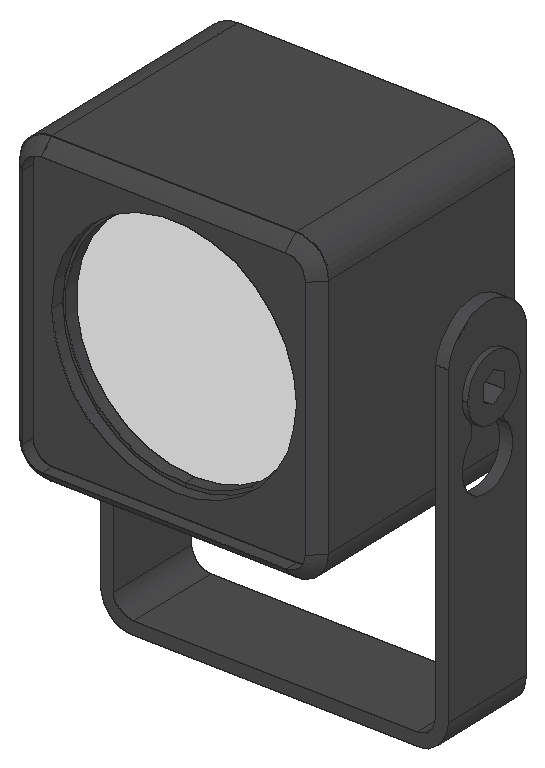
Revit family "Thorn Caelon S3x", category Lighting Fixtures, host Face, Revit 2023
Family settings
  Host = Face
  Round Connector Dimension = Use Diameter
  Part Type = Normal
  Cut with Voids When Loaded = No
  Light Source = No
  Maintain Annotation Orientation = No
  Shared = No
  Room Calculation Point = No
Parameters (values of type "CAELON S3x 320-827 F BK 2M 66")
  Wattage = 6.2 VA
  URL = "https://www.thornlighting.com/21013585"
  Type Light Source = Thorn-Light Sources-CAELON S3x : CAELON S3x 320-827 F BK 2M 66_photometric_data
  Type Image = TLG_CAEL_F_S3x_BK.jpg
  Type IFC Predefined Type = "DIRECTIONSOURCE"
  Type Housing White = Thorn-Parts-CAELON-Housing-S3x : White
  Type Housing Black = Thorn-Parts-CAELON-Housing-S3x : Black
  Type Housing = if(Housing Finish Black, Type Housing Black, if(Housing Finish White, Type Housing White, Type Housing Black))  # Thorn-Parts-CAELON-Housing-S3x : Black
  Type Bracket White = Thorn-Parts-CAELON-Bracket-S3x : White
  Type Bracket Black = Thorn-Parts-CAELON-Bracket-S3x : Black
  Type Bracket = if(Housing Finish Black, Type Bracket Black, if(Housing Finish White, Type Bracket White, Type Bracket Black))  # Thorn-Parts-CAELON-Bracket-S3x : Black
  Tilt Angle [instance] = 0.00°
  Power Factor = 1
  Optic = "Far"
  Model = "21013585"
  Lamp = "LED"  # constant formula
  Housing Finish Black = yes
  Export Type to IFC As = "IfcLightFixtureType"
  Description = "Outdoor flood and spotlight luminaires"  # constant formula
  Assembly Code = "Pr_70_70_48_75"
  Apparent Load = 20 VA
  Angle real [instance] = Tilt Angle + 90.00°  # 90.00°
  Manufacturer = "Thorn Lighting"  # constant formula
  Luminaire Width = 56 mm  # constant formula
  Luminaire Length = 38 mm  # constant formula
  Luminaire Height = 79 mm  # constant formula
  Housing Finish White = no
  Default Elevation = 0 mm  # constant formula
  Angle [instance] = if(Angle real < 60.00°, 60.00°, if(Angle real > 270.00°, 270.00°, Angle real))  # 90.00°
Types (18, lengths in mm): name | URL | Type Light Source | Type Image | Type Housing | Type Bracket | Optic | Model | Housing Finish Black | Housing Finish White
  CAELON S3x 320-827 F BK 2M 66 | "https://www.thornlighting.com/21013585" | Thorn-Light Sources-CAELON S3x : CAELON S3x 320-827 F BK 2M 66_photometric_data | TLG_CAEL_F_S3x_BK.jpg | Thorn-Parts-CAELON-Housing-S3x : Black | Thorn-Parts-CAELON-Bracket-S3x : Black | "Far" | "21013585" | yes | no
  CAELON S3x 320-827 F WH 2M 66 | "https://www.thornlighting.com/21013584" | Thorn-Light Sources-CAELON S3x : CAELON S3x 320-827 F WH 2M 66_photometric_data | TLG_CAEL_F_S3x_WH.jpg | Thorn-Parts-CAELON-Housing-S3x : White | Thorn-Parts-CAELON-Bracket-S3x : White | "Far" | "21013584" | no | yes
  CAELON S3x 320-827 M BK 2M 66 | "https://www.thornlighting.com/21013583" | Thorn-Light Sources-CAELON S3x : CAELON S3x 320-827 M BK 2M 66_photometric_data | TLG_CAEL_F_S3x_BK.jpg | Thorn-Parts-CAELON-Housing-S3x : Black | Thorn-Parts-CAELON-Bracket-S3x : Black | "Medium" | "21013583" | yes | no
  CAELON S3x 320-827 M WH 2M 66 | "https://www.thornlighting.com/21013582" | Thorn-Light Sources-CAELON S3x : CAELON S3x 320-827 M WH 2M 66_photometric_data | TLG_CAEL_F_S3x_WH.jpg | Thorn-Parts-CAELON-Housing-S3x : White | Thorn-Parts-CAELON-Bracket-S3x : White | "Medium" | "21013582" | no | yes
  CAELON S3x 320-827 N BK 2M 66 | "https://www.thornlighting.com/21013581" | Thorn-Light Sources-CAELON S3x : CAELON S3x 320-827 N BK 2M 66_photometric_data | TLG_CAEL_F_S3x_BK.jpg | Thorn-Parts-CAELON-Housing-S3x : Black | Thorn-Parts-CAELON-Bracket-S3x : Black | "Narrow" | "21013581" | yes | no
  CAELON S3x 320-827 N WH 2M 66 | "https://www.thornlighting.com/21013580" | Thorn-Light Sources-CAELON S3x : CAELON S3x 320-827 N WH 2M 66_photometric_data | TLG_CAEL_F_S3x_WH.jpg | Thorn-Parts-CAELON-Housing-S3x : White | Thorn-Parts-CAELON-Bracket-S3x : White | "Narrow" | "21013580" | no | yes
  CAELON S3x 320-830 F BK 2M 66 | "https://www.thornlighting.com/21013595" | Thorn-Light Sources-CAELON S3x : CAELON S3x 320-830 F BK 2M 66_photometric_data | TLG_CAEL_F_S3x_BK.jpg | Thorn-Parts-CAELON-Housing-S3x : Black | Thorn-Parts-CAELON-Bracket-S3x : Black | "Far" | "21013595" | yes | no
  CAELON S3x 320-830 F WH 2M 66 | "https://www.thornlighting.com/21013594" | Thorn-Light Sources-CAELON S3x : CAELON S3x 320-830 F WH 2M 66_photometric_data | TLG_CAEL_F_S3x_WH.jpg | Thorn-Parts-CAELON-Housing-S3x : White | Thorn-Parts-CAELON-Bracket-S3x : White | "Far" | "21013594" | no | yes
  CAELON S3x 320-830 M BK 2M 66 | "https://www.thornlighting.com/21013593" | Thorn-Light Sources-CAELON S3x : CAELON S3x 320-830 M BK 2M 66_photometric_data | TLG_CAEL_F_S3x_BK.jpg | Thorn-Parts-CAELON-Housing-S3x : Black | Thorn-Parts-CAELON-Bracket-S3x : Black | "Medium" | "21013593" | yes | no
  CAELON S3x 320-830 M WH 2M 66 | "https://www.thornlighting.com/21013592" | Thorn-Light Sources-CAELON S3x : CAELON S3x 320-830 M WH 2M 66_photometric_data | TLG_CAEL_F_S3x_WH.jpg | Thorn-Parts-CAELON-Housing-S3x : White | Thorn-Parts-CAELON-Bracket-S3x : White | "Medium" | "21013592" | no | yes
  CAELON S3x 320-830 N BK 2M 66 | "https://www.thornlighting.com/21013591" | Thorn-Light Sources-CAELON S3x : CAELON S3x 320-830 N BK 2M 66_photometric_data | TLG_CAEL_F_S3x_BK.jpg | Thorn-Parts-CAELON-Housing-S3x : Black | Thorn-Parts-CAELON-Bracket-S3x : Black | "Narrow" | "21013591" | yes | no
  CAELON S3x 320-830 N WH 2M 66 | "https://www.thornlighting.com/21013590" | Thorn-Light Sources-CAELON S3x : CAELON S3x 320-830 N WH 2M 66_photometric_data | TLG_CAEL_F_S3x_WH.jpg | Thorn-Parts-CAELON-Housing-S3x : White | Thorn-Parts-CAELON-Bracket-S3x : White | "Narrow" | "21013590" | no | yes
  CAELON S3x 320-840 F BK 2M 66 | "https://www.thornlighting.com/21013605" | Thorn-Light Sources-CAELON S3x : CAELON S3x 320-840 F BK 2M 66_photometric_data | TLG_CAEL_F_S3x_BK.jpg | Thorn-Parts-CAELON-Housing-S3x : Black | Thorn-Parts-CAELON-Bracket-S3x : Black | "Far" | "21013605" | yes | no
  CAELON S3x 320-840 F WH 2M 66 | "https://www.thornlighting.com/21013604" | Thorn-Light Sources-CAELON S3x : CAELON S3x 320-840 F WH 2M 66_photometric_data | TLG_CAEL_F_S3x_WH.jpg | Thorn-Parts-CAELON-Housing-S3x : White | Thorn-Parts-CAELON-Bracket-S3x : White | "Far" | "21013604" | no | yes
  CAELON S3x 320-840 M BK 2M 66 | "https://www.thornlighting.com/21013603" | Thorn-Light Sources-CAELON S3x : CAELON S3x 320-840 M BK 2M 66_photometric_data | TLG_CAEL_F_S3x_BK.jpg | Thorn-Parts-CAELON-Housing-S3x : Black | Thorn-Parts-CAELON-Bracket-S3x : Black | "Medium" | "21013603" | yes | no
  CAELON S3x 320-840 M WH 2M 66 | "https://www.thornlighting.com/21013602" | Thorn-Light Sources-CAELON S3x : CAELON S3x 320-840 M WH 2M 66_photometric_data | TLG_CAEL_F_S3x_WH.jpg | Thorn-Parts-CAELON-Housing-S3x : White | Thorn-Parts-CAELON-Bracket-S3x : White | "Medium" | "21013602" | no | yes
  CAELON S3x 320-840 N BK 2M 66 | "https://www.thornlighting.com/21013601" | Thorn-Light Sources-CAELON S3x : CAELON S3x 320-840 N BK 2M 66_photometric_data | TLG_CAEL_F_S3x_BK.jpg | Thorn-Parts-CAELON-Housing-S3x : Black | Thorn-Parts-CAELON-Bracket-S3x : Black | "Narrow" | "21013601" | yes | no
  CAELON S3x 320-840 N WH 2M 66 | "https://www.thornlighting.com/21013600" | Thorn-Light Sources-CAELON S3x : CAELON S3x 320-840 N WH 2M 66_photometric_data | TLG_CAEL_F_S3x_WH.jpg | Thorn-Parts-CAELON-Housing-S3x : White | Thorn-Parts-CAELON-Bracket-S3x : White | "Narrow" | "21013600" | no | yes
Reference planes
  plane 1 "Center (Front/Back)": y = 0
  plane 2: z = 0
  plane 3 "Center (Left/Right)": x = 0
  plane 4: x = 28
  plane 5: x = -28
Lines and regions (mm)
  reference lines
    curve 1: line (0, 0, -0.428) -> (0, 0, 48.812)
    curve 2: line (0, 0, 48.812) -> (0, -600, 48.812)
  model lines, style "InvisibleLines"
    curve 3: line (-250, 0, 0) -> (250, 0, 0)
Dimensions and locks
  equal spacing: plane 5, plane 3 "Center (Left/Right)", plane 4
  "Luminaire Width": plane 5 to plane 4
  "Angle": angle plane 1 "Center (Front/Back)" to curve 2
  aligned and locked: plane 2 to host face
  aligned and locked: plane 1 "Center (Front/Back)" to curve 3
Automatic sketch dimensions
  host sketch curve to host sketch curve = 2438.4 mm  (x2)
  curve 1 to plane 1 "Center (Front/Back)" = 0 mm
  level to curve 2 = 48.812 mm
  curve 1 to level = 0.428 mm
  plane 5 to curve 3 = 222 mm
  plane 4 to curve 3 = 222 mm
Nested families
  nested 1: "Thorn-Parts-CAELON-Housing-S3x" at (0, -34.498, 31.09) x (0, 1, 0) z (0, 0, 1), type <- "Type Housing", type "Black"
  nested 2: "Thorn-Parts-CAELON-Bracket-S3x" at (0, -7.498, -85.217) x (0, 1, 0) z (0, 0, 1), type <- "Type Bracket", type "Black"
  nested 3: "Thorn-Light Sources-CAELON S3x" at (0.93, -23.998, 55.59) x (0, 0, -1) z (0, 1, 0), type <- "Type Light Source", type "CAELON S3x 320-827 F BK 2M 66_photometric_data"
    with Reflector Direction Line Offset 600 mm, Light Distribution Offset 600 mm
Connectors
  electrical at (0, 0, 0), driven by "Apparent Load", driven by "Power Factor"
    settings: index 1, voltage 220 V, apparent load 20 VA, apparent load phase1 0 VA, apparent load phase2 0 VA, apparent load phase3 0 VA, power factor 1, load classification "Lighting", number of poles 1, system type 30, power factor state 1, is connector primary yes, connector utility no, sub classification motor no, connector description ""
Definition of nested family "Thorn-Parts-CAELON-Housing-S3x"
  Parameters (values of type "White")
    Material Housing Plastic = none
    Housing [instance] = yes
    Material Housing = none
    Manufacturer = "Thorn Lighting"  # constant formula
    Default Elevation = 1219.2 mm
    C = 48 mm  # constant formula
    B = 48 mm  # constant formula
    A = 38 mm  # constant formula
  Types (2): name
    White
    Black
  Reference planes
    plane 1 "Center (Front/Back)": y = 0
    plane 2: z = 0
    plane 3 "Center (Left/Right)": x = 0
    plane 4: y = 24
    plane 5: y = -24
    plane 6: z = 12.5
    plane 7: x = 21
    plane 8: x = 43.49
    plane 9: x = 5.493
  Forms (mm)
    Extrusion 1, solid, material <- "Material Housing"
      sketch origin (0, 0, -37) x (0, 1, 0) y (0, 0, 1)
        loop
          line (19, 85) -> (-19, 85)
          arc (-19, 85) -> (-22.536, 83.536) -> (-24, 80) r 5
          line (-24, 80) -> (-24, 42)
          arc (-24, 42) -> (-22.536, 38.464) -> (-19, 37) r 5
          line (-19, 37) -> (19, 37)
          arc (19, 37) -> (22.536, 38.464) -> (24, 42) r 5
          line (24, 42) -> (24, 80)
          arc (24, 80) -> (22.536, 83.536) -> (19, 85) r 5
        loop
          line (22, 42) -> (22, 80)
          arc (22, 80) -> (21.121, 82.121) -> (19, 83) r 3
          line (19, 83) -> (-19, 83)
          arc (-19, 83) -> (-21.121, 82.121) -> (-22, 80) r 3
          line (-22, 80) -> (-22, 42)
          arc (-22, 42) -> (-21.121, 39.879) -> (-19, 39) r 3
          line (-19, 39) -> (19, 39)
          arc (19, 39) -> (21.121, 39.879) -> (22, 42) r 3
      from 7.5 to 43.49
    Sweep 2, solid, material <- "Material Housing"
      path origin (11, -1524, 162.794) x (0, 0, 1) y (0, -1, 0)
        loop
          line (-114.794, -1543) -> (-114.794, -1505)
          arc (-114.794, -1505) -> (-116.259, -1501.464) -> (-119.794, -1500) r 5
          line (-119.794, -1500) -> (-157.794, -1500)
          arc (-157.794, -1500) -> (-161.33, -1501.464) -> (-162.794, -1505) r 5
          line (-162.794, -1505) -> (-162.794, -1543)
          arc (-162.794, -1543) -> (-161.33, -1546.536) -> (-157.794, -1548) r 5
          line (-157.794, -1548) -> (-119.794, -1548)
          arc (-119.794, -1548) -> (-116.259, -1546.536) -> (-114.794, -1543) r 5
      profile origin (11, 0, 48) x (0, 0, -1) y (1, 0, 0)
        loop
          line (2, -3.5) -> (0, -3.5)
          arc (0, -3.5) -> (0.913, -4.59) -> (2, -5.507) r 8.21
          line (2, -5.507) -> (2, -3.5)
    Extrusion 3, solid, material <- "Material Housing"
      sketch origin (43.5, 889.358, 1163) x (0, 1, 0) y (0, 0, -1)
        loop
          arc (-870.358, 1117) -> (-868.237, 1117.879) -> (-867.358, 1120) r 3
          line (-867.358, 1120) -> (-867.358, 1158)
          arc (-867.358, 1158) -> (-868.237, 1160.121) -> (-870.358, 1161) r 3
          line (-870.358, 1161) -> (-908.358, 1161)
          arc (-908.358, 1161) -> (-910.48, 1160.121) -> (-911.358, 1158) r 3
          line (-911.358, 1158) -> (-911.358, 1120)
          arc (-911.358, 1120) -> (-910.48, 1117.879) -> (-908.358, 1117) r 3
          line (-908.358, 1117) -> (-870.358, 1117)
      from 0.01 to 4
    Extrusion 4, solid
      sketch origin (7.5, 889.358, 1200) x (0, 1, 0) y (0, 0, 1)
        loop
          line (-870.358, -1153) -> (-908.358, -1153)
          arc (-908.358, -1153) -> (-911.187, -1154.172) -> (-912.358, -1157) r 4
          line (-912.358, -1157) -> (-912.358, -1195)
          arc (-912.358, -1195) -> (-911.187, -1197.828) -> (-908.358, -1199) r 4
          line (-908.358, -1199) -> (-870.358, -1199)
          arc (-870.358, -1199) -> (-867.53, -1197.828) -> (-866.358, -1195) r 4
          line (-866.358, -1195) -> (-866.358, -1157)
          arc (-866.358, -1157) -> (-867.53, -1154.172) -> (-870.358, -1153) r 4
        loop
          circle (-889.358, -1176) r 19
      from 0 to 2
    Extrusion 5, solid
      sketch origin (7.5, 889.358, 1211.5) x (0, 1, 0) y (0, 0, 1)
        loop
          circle (-889.358, -1187.5) r 19.5
        loop
          circle (-889.358, -1187.5) r 19
      from 2 to 6
    Extrusion 6, solid
      sketch origin (7.5, 889.358, 1211.5) x (0, 1, 0) y (0, 0, 1)
        loop
          circle (-889.358, -1187.5) r 19.5
      from 4 to 6
    Revolve 7, solid
      sketch origin (125.5, 0, 11.5) x (1, 0, 0) y (0, 0, 1)
        loop
          line (-116, 31) -> (-106.577, 31) -> (-91, 17.5) -> (-91, 12.5) -> (-90, 12.5) -> (-90, 17.957) -> (-106.204, 32) -> (-116, 32) -> (-116, 31)
        axis (-116, 12.5) -> (-90, 12.5)
      angle from 0 to 360
    Revolve 8, solid, material <- "Material Housing Plastic"
      sketch origin (34.064, -1506.946, 22.822) x (0, 0, 1) y (0, -1, 0)
        loop
          line (-27.322, -1505.746) -> (-27.322, -1503.946) -> (-29.322, -1503.946)
          arc (-29.322, -1503.946) -> (-30.029, -1504.239) -> (-30.322, -1504.946) r 1
          line (-30.322, -1504.946) -> (-30.322, -1505.746) -> (-27.322, -1505.746)
        loop
          line (-22.822, -1506.946) -> (-22.822, -1503.946) -> (-24.322, -1503.946) -> (-24.322, -1506.946) -> (-22.822, -1506.946)
        axis (-22.822, -1506.946) -> (-30.322, -1506.946)
      angle from 0 to 360
    Extrusion 9, solid, material <- "Material Housing Plastic"
      sketch origin (13.064, 17.054, 51.5) x (1, 0, 0) y (0, 1, 0)
        loop
          line (18.5, -12.724) -> (16, -17.054) -> (18.5, -21.384) -> (23.5, -21.384) -> (26, -17.054) -> (23.5, -12.724) -> (18.5, -12.724)
      from -56 to -53
    Extrusion 10, solid, material <- "Material Housing Plastic"
      sketch origin (13.064, 17.054, 51.5) x (1, 0, 0) y (0, 1, 0)
        loop
          line (23.5, -12.724) -> (18.5, -12.724) -> (16, -17.054) -> (18.5, -21.384) -> (23.5, -21.384) -> (26, -17.054) -> (23.5, -12.724)
      from -51.5 to -50
    Extrusion 11, void
      sketch origin (0, 0, 0.484) x (0, 1, 0) y (0, 0, 1)
        loop
          line (0, 1.016) -> (-7, 1.016) -> (-7, -1) -> (7, -1) -> (7, 1.016) -> (0, 1.016)
      from 28.62 to 39.5
    Extrusion 12, solid, material <- "Material Housing"
      sketch origin (1.934, 0, 1.293) x (1, 0, 0) y (0, 0, 1)
        loop
          circle (32.564, 16.43) r 5
        loop
          line (32.564, 18.93) -> (30.399, 17.68) -> (30.399, 15.18) -> (32.564, 13.93) -> (34.729, 15.18) -> (34.729, 17.68) -> (32.564, 18.93)
      from -28 to -22
    Extrusion 13, void
      sketch origin (0, 0, 0) x (1, 0, 0) y (0, 0, 1)
        loop
          circle (34.498, 17.723) r 5
        loop
          line (34.498, 20.223) -> (32.333, 18.973) -> (32.333, 16.473) -> (34.498, 15.223) -> (36.663, 16.473) -> (36.663, 18.973) -> (34.498, 20.223)
      from -31.795 to 33.075
    Extrusion 14, solid, material <- "Material Housing"
      sketch origin (1.934, 0, 1.293) x (1, 0, 0) y (0, 0, 1)
        loop
          circle (32.564, 16.43) r 5
        loop
          line (32.564, 18.93) -> (30.399, 17.68) -> (30.399, 15.18) -> (32.564, 13.93) -> (34.729, 15.18) -> (34.729, 17.68) -> (32.564, 18.93)
      from 22 to 28
  Cuts and joins
    Extrusion 11, Extrusion 13 cuts Extrusion 1
  Dimensions and locks
    plane 6 to level = 12.5 mm
    Revolve 7 sketch curve to Revolve 7 sketch curve = 18.5 mm
    Revolve 7 sketch curve to Revolve 7 sketch curve = 25 mm
    plane 4 to plane 5 = 48 mm
    plane 9 to plane 8 = 37.997 mm
    aligned and locked: level to plane 2
    aligned and locked: plane 8 to cut or joined group of Extrusion 1, Extrusion 11, Extrusion 13
Definition of nested family "Thorn-Parts-CAELON-Bracket-S3x"
  Parameters (values of type "White")
    Material Housing = none
    Manufacturer = "Thorn Lighting"  # constant formula
    Default Elevation = 0 mm  # constant formula
    C = 145 mm  # constant formula
    B = 149 mm  # constant formula
    A = 160 mm  # constant formula
  Types (2): name
    White
    Black
  Reference planes
    plane 1 "Center (Front/Back)": y = 0
    plane 2: z = 0
    plane 3 "Center (Left/Right)": x = 0
    plane 4: z = 85
    plane 5: z = -60
    plane 6: z = 12.5
  Forms (mm)
    Extrusion 1, solid, material <- "Material Housing"
      sketch origin (0, 0, 0) x (0, 1, 0) y (0, 0, 1)
        loop
          line (27, 90.22) -> (27, 146.283) -> (25, 146.283) -> (25, 90.22)
          arc (25, 90.22) -> (24.121, 88.099) -> (22, 87.22) r 3
          line (22, 87.22) -> (-22, 87.22)
          arc (-22, 87.22) -> (-24.121, 88.099) -> (-25, 90.22) r 3
          line (-25, 90.22) -> (-25, 146.217) -> (-27, 146.217) -> (-27, 90.22)
          arc (-27, 90.22) -> (-25.536, 86.684) -> (-22, 85.22) r 5
          line (-22, 85.22) -> (22, 85.22)
          arc (22, 85.22) -> (25.536, 86.684) -> (27, 90.22) r 5
      from 0 to 15
    Extrusion 2, void
      sketch origin (-2.5, 0, 0) x (1, 0, 0) y (0, 0, 1)
        loop
          line (-4, 150) -> (-4, 125) -> (2.5, 125) -> (2.5, 139.406)
          arc (2.5, 139.406) -> (10, 145.537) -> (17.5, 139.406) r 7.653
          line (17.5, 139.406) -> (17.5, 125) -> (24, 125) -> (24, 150) -> (10, 150) -> (-4, 150)
        loop
          arc (6.261, 130.68) -> (6.92, 128.946) -> (6.261, 127.212) r 2.613
          arc (6.261, 127.212) -> (10, 118.892) -> (13.739, 127.212) r 5
          arc (13.739, 127.212) -> (13.08, 128.946) -> (13.739, 130.68) r 2.613
          arc (13.739, 130.68) -> (10, 139) -> (6.261, 130.68) r 5
      from -100 to 100
  Cuts and joins
    Extrusion 2 cuts Extrusion 1
  Dimensions and locks
    "C": plane 5 to plane 4
    plane 6 to level = 12.5 mm
    cut or joined group of Extrusion 1, Extrusion 2 to cut or joined group of Extrusion 1, Extrusion 2 = 54 mm
    cut or joined group of Extrusion 1, Extrusion 2 to cut or joined group of Extrusion 1, Extrusion 2 = 15 mm
    aligned and locked: level to plane 2
  Automatic sketch dimensions
    Extrusion 1 sketch curve to Extrusion 1 sketch curve = 0 mm  (x5)
    level to Extrusion 1 sketch curve = 85.22 mm
    Extrusion 1 sketch curve to Extrusion 1 sketch curve = 3 mm  (x2)
    Extrusion 1 sketch curve to Extrusion 1 sketch curve = 0.066 mm
    Extrusion 1 sketch curve to Extrusion 1 sketch curve = 55.997 mm
    Extrusion 2 sketch curve to plane 3 "Center (Left/Right)" = 0 mm
    Extrusion 2 sketch curve to plane 3 "Center (Left/Right)" = 6.5 mm
    plane 3 "Center (Left/Right)" to Extrusion 2 sketch curve = 1.807 mm
    plane 3 "Center (Left/Right)" to Extrusion 2 sketch curve = 7.5 mm  (x3)
    Extrusion 2 sketch curve to Extrusion 2 sketch curve = 0 mm  (x4)
    plane 4 to Extrusion 2 sketch curve = 38.892 mm
    Extrusion 2 sketch curve to Extrusion 2 sketch curve = 1.108 mm  (x2)
    Extrusion 2 sketch curve to Extrusion 2 sketch curve = 3.946 mm  (x2)
    Extrusion 2 sketch curve to Extrusion 2 sketch curve = 5.054 mm
    Extrusion 2 sketch curve to Extrusion 2 sketch curve = 3.884 mm
    Extrusion 2 sketch curve to Extrusion 2 sketch curve = 12.116 mm
    Extrusion 2 sketch curve to Extrusion 2 sketch curve = 1.954 mm
    Extrusion 2 sketch curve to Extrusion 2 sketch curve = 8.726 mm
    Extrusion 1 sketch curve to plane 1 "Center (Front/Back)" = 22 mm
    Extrusion 1 sketch curve to Extrusion 1 sketch curve = 2 mm
    Extrusion 2 sketch curve to Extrusion 2 sketch curve = 5.693 mm
    Extrusion 2 sketch curve to Extrusion 2 sketch curve = 1.807 mm
    Extrusion 2 sketch curve to Extrusion 2 sketch curve = 6.5 mm
    plane 1 "Center (Front/Back)" to Extrusion 1 sketch curve = 22 mm
Definition of nested family "Thorn-Light Sources-CAELON S3x"
  Parameters (values of type "CAELON S3x 320-827 M WH 2M 66_photometric_data")
    Wide flood = no
    Super narrow = yes
    Reflector Direction Line Offset [instance] = 600 mm
    Narrow = no
    Medium = no
    Light Distribution Offset [instance] = 600 mm
    Wattage = 6.2 W
    built-in parameter 1150110 = 1 (stored number, unit not read)
    built-in parameter 1114217 = 1 (stored number, unit not read)
    Tilt Angle = 90.00°  # constant formula
    built-in parameter 1150109 = 1 (stored number, unit not read)
    built-in parameter 1150134 = (empty or 0)
    built-in parameter 1150113 = 1 (stored number, unit not read)
    Power Factor = 1
    Photometric Web File = "21013582_(STD).IES"
    Manufacturer = "Thorn Lighting"  # constant formula
    Lumens = 320 lm
    built-in parameter 1150115 = 1 (stored number, unit not read)
    built-in parameter 1150105 = 91.196 (stored number, unit not read)
    built-in parameter 1150137 = (empty or 0)
    built-in parameter 1150139 = (empty or 0)
    built-in parameter 1150112 = 1 (stored number, unit not read)
    built-in parameter 1150114 = 1 (stored number, unit not read)
    built-in parameter 1150132 = 2
    built-in parameter 1150102 = (empty or 0)
    built-in parameter 1150138 = (empty or 0)
    built-in parameter 1150107 = 2700 (stored number, unit not read)
    built-in parameter 1150106 = 0.91196 (stored number, unit not read)
    Emit from Circle Diameter = 35 mm  # constant formula
    Emit Shape Visible in Rendering = 0 > 1  # no
    built-in parameter 1150104 = 4.831 (stored number, unit not read)
    Dimming Lamp Color Temperature Shift = (empty or 0)
    Default Elevation = 0 mm  # constant formula
    Color Filter = 16777215
    built-in parameter 1114218 = 1 (stored number, unit not read)
    built-in parameter 1150133 = 10 (stored number, unit not read)
    Apparent Load = 20 VA
  Types (18, lengths in mm): name | Photometric Web File | Lumens | built-in parameter 1150107 | built-in parameter 1150104
    CAELON S3x 320-827 F BK 2M 66_photometric_data | "21013585_(STD).IES" | 325 lm | 2700 (stored number, unit not read) | 4.831 (stored number, unit not read)
    CAELON S3x 320-827 F WH 2M 66_photometric_data | "21013584_(STD).IES" | 325 lm | 2700 (stored number, unit not read) | 4.831 (stored number, unit not read)
    CAELON S3x 320-827 M BK 2M 66_photometric_data | "21013583_(STD).IES" | 320 lm | 2700 (stored number, unit not read) | 4.831 (stored number, unit not read)
    CAELON S3x 320-827 M WH 2M 66_photometric_data | "21013582_(STD).IES" | 320 lm | 2700 (stored number, unit not read) | 4.831 (stored number, unit not read)
    CAELON S3x 320-827 N BK 2M 66_photometric_data | "21013581_(STD).IES" | 350 lm | 2700 (stored number, unit not read) | 5.2026 (stored number, unit not read)
    CAELON S3x 320-827 N WH 2M 66_photometric_data | "21013580_(STD).IES" | 350 lm | 2700 (stored number, unit not read) | 5.2026 (stored number, unit not read)
    CAELON S3x 320-830 F BK 2M 66_photometric_data | "21013595_(STD).IES" | 375 lm | 3000 (stored number, unit not read) | 5.5742 (stored number, unit not read)
    CAELON S3x 320-830 F WH 2M 66_photometric_data | "21013594_(STD).IES" | 375 lm | 3000 (stored number, unit not read) | 5.5742 (stored number, unit not read)
    CAELON S3x 320-830 M BK 2M 66_photometric_data | "21013593_(STD).IES" | 345 lm | 3000 (stored number, unit not read) | 5.2026 (stored number, unit not read)
    CAELON S3x 320-830 M WH 2M 66_photometric_data | "21013592_(STD).IES" | 345 lm | 3000 (stored number, unit not read) | 5.2026 (stored number, unit not read)
    CAELON S3x 320-830 N BK 2M 66_photometric_data | "21013591_(STD).IES" | 375 lm | 3000 (stored number, unit not read) | 5.5742 (stored number, unit not read)
    CAELON S3x 320-830 N WH 2M 66_photometric_data | "21013590_(STD).IES" | 375 lm | 3000 (stored number, unit not read) | 5.5742 (stored number, unit not read)
    CAELON S3x 320-840 F BK 2M 66_photometric_data | "21013605_(STD).IES" | 375 lm | 4000 (stored number, unit not read) | 5.5742 (stored number, unit not read)
    CAELON S3x 320-840 F WH 2M 66_photometric_data | "21013604_(STD).IES" | 375 lm | 4000 (stored number, unit not read) | 5.5742 (stored number, unit not read)
    CAELON S3x 320-840 M BK 2M 66_photometric_data | "21013603_(STD).IES" | 370 lm | 4000 (stored number, unit not read) | 5.5742 (stored number, unit not read)
    CAELON S3x 320-840 M WH 2M 66_photometric_data | "21013602_(STD).IES" | 370 lm | 4000 (stored number, unit not read) | 5.5742 (stored number, unit not read)
    CAELON S3x 320-840 N BK 2M 66_photometric_data | "21013601_(STD).IES" | 405 lm | 4000 (stored number, unit not read) | 6.0387 (stored number, unit not read)
    CAELON S3x 320-840 N WH 2M 66_photometric_data | "21013600_(STD).IES" | 405 lm | 4000 (stored number, unit not read) | 6.0387 (stored number, unit not read)
  Reference planes
    plane 1 "Light Source Axis (F/B)": y = 0
    plane 2: z = 0
    plane 3 "Light Source Axis (L/R)": x = 0
    plane 4 "Light Source Elevation": z = 0
  Lines and regions (mm)
    model lines
      curve 1: line (0, 0, 0) -> (0, 0, 50)
      curve 2: line (0, 0, 0) -> (0, 10, 0)
      curve 3: line (0, 0, 0) -> (10, 0, 0)
      curve 4: line (0, 0, 0) -> (0, -10, 0)
      curve 5: line (0, 0, 0) -> (-10, 0, 0)
      curve 6: line (0, 0, 0) -> (0, 0, -500)
      curve 7: line (0, 0, -500) -> (0, -47.883, -368.443)
      curve 8: line (0, 0, -500) -> (0, 47.883, -368.443)
  Dimensions and locks
    aligned and locked: plane 4 "Light Source Elevation" to imposter light
    aligned and locked: level to plane 2
    aligned and locked: plane 4 "Light Source Elevation" to plane 2
    aligned and locked: curve 5 to plane 1 "Light Source Axis (F/B)"
    aligned and locked: plane 1 "Light Source Axis (F/B)" to curve 3
    aligned and locked: curve 4 to plane 3 "Light Source Axis (L/R)"
